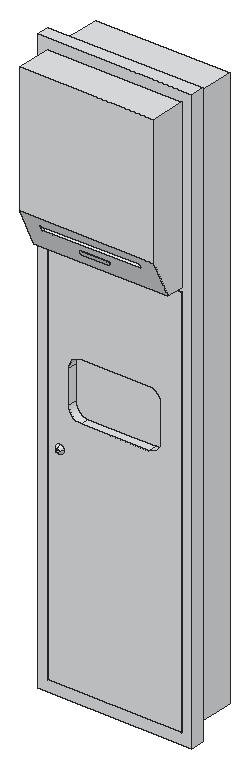
Revit family "DWCB0016", category Generic Models, Revit 2017
Family settings
  Can host rebar = No
  Round Connector Dimension = Use Diameter
  Part Type = Normal
  Work Plane-Based = No
  Always vertical = Yes
  Cut with Voids When Loaded = No
  Shared = No
  Room Calculation Point = No
Parameters
  Website = "https://dolphy.in/"  # constant formula
  Contact number = "+91 9520202035"  # constant formula
  Contact email = "info@dolphy.in"  # constant formula
  Company name = "Dolphy India"  # constant formula
Reference planes
  plane 1 "Center (Front/Back)": y = 0
  plane 2: z = 0
  plane 3 "Center (Left/Right)": x = 0
Forms (mm)
  Extrusion 1, solid, material "Dolphy_CHROME"
    sketch origin (0, -246.395, 711) x (-1, 0, 0) y (0, 0, 1)
      loop
        line (-187.5, 711) -> (-187.5, -711) -> (187.5, -711) -> (187.5, 711) -> (-187.5, 711)
    from 218.697 to 250
  Extrusion 2, solid, material "Dolphy_CHROME"
    sketch origin (0, -246.395, 711) x (-1, 0, 0) y (0, 0, 1)
      loop
        line (-162.5, 686) -> (-162.5, -686) -> (162.5, -686) -> (162.5, 686) -> (-162.5, 686)
    from 363.697 to 250
  Extrusion 3, solid, material "Dolphy_CHROME"
    sketch origin (0, -246.395, 711) x (0, -1, 0) y (0, 0, 1)
      loop
        line (-218.697, 686) -> (-218.697, 283) -> (-174.404, 283) -> (-132.697, 372.44) -> (-132.697, 686) -> (-218.697, 686)
    from -162.5 to 162.5
  Extrusion 4, void
    sketch origin (0, -123.407, 688.604) x (-1, 0, 0) y (0, -0.34202, 0.939693)
      loop
        line (-120.5, 345.052) -> (-120.5, 330.052) -> (120.5, 330.052) -> (120.5, 345.052) -> (-120.5, 345.052)
    from 138.408 to 173.142
  Extrusion 5, solid, material "Dolphy_CHROME"
    sketch origin (0, -81.143, 671.939) x (-1, 0, 0) y (0, -0.460132, 0.887851)
      loop
        spline (-29.457, 325.653) -> (-31.709, 325.399) -> (-33.469, 324.701) -> (-34.776, 323.656) -> (-35.671, 322.361) -> (-36.194, 320.912) -> (-36.386, 319.406) -> (-36.268, 317.931) -> (-35.802, 316.552) -> (-34.939, 315.326) -> (-33.627, 314.312) -> (-31.817, 313.568) -> (-29.457, 313.153)
        line (-29.457, 313.153) -> (29.457, 313.153)
        spline (29.457, 313.153) -> (31.817, 313.568) -> (33.627, 314.312) -> (34.939, 315.326) -> (35.802, 316.552) -> (36.268, 317.931) -> (36.386, 319.406) -> (36.194, 320.912) -> (35.671, 322.361) -> (34.776, 323.656) -> (33.469, 324.701) -> (31.709, 325.399) -> (29.457, 325.653)
        line (29.457, 325.653) -> (-29.457, 325.653)
    from 156.014 to 164.465
  Extrusion 6, void
    sketch origin (0, -246.395, 711) x (-1, 0, 0) y (0, 0, 1)
      loop
        line (162.5, 273.871) -> (-162.5, 273.871) -> (-162.5, -686) -> (162.5, -686) -> (162.5, 273.871)
      loop
        line (162, 273.487) -> (-162, 273.487) -> (-162, -685.5) -> (162, -685.5) -> (162, 273.487)
    from 213.176 to 226.978
  Extrusion 7, void
    sketch origin (0, -246.395, 711) x (-1, 0, 0) y (0, 0, 1)
      loop
        line (82.838, 40.265) -> (-82.162, 40.265)
        arc (-82.162, 40.265) -> (-103.375, 31.478) -> (-112.162, 10.265) r 30
        line (-112.162, 10.265) -> (-112.162, -70)
        arc (-112.162, -70) -> (-103.375, -91.213) -> (-82.162, -100) r 30
        line (-82.162, -100) -> (82.838, -100)
        arc (82.838, -100) -> (104.051, -91.213) -> (112.838, -70) r 30
        line (112.838, -70) -> (112.838, 10.265)
        arc (112.838, 10.265) -> (104.051, 31.478) -> (82.838, 40.265) r 30
    from 208.767 to 240.368
  Blend 8, solid, material "Dolphy_CHROME"
    base sketch origin (0, 96.25, 711) x (1, 0, 0) y (0, 0, 1)
      loop
        spline (-133.981, -162.885) -> (-135.422, -162.986) -> (-136.777, -163.277) -> (-138.041, -163.741) -> (-139.205, -164.361) -> (-140.261, -165.12) -> (-141.201, -166.001) -> (-142.018, -166.986) -> (-142.704, -168.059) -> (-143.251, -169.203) -> (-143.652, -170.399) -> (-143.898, -171.632) -> (-143.981, -172.885)
        spline (-143.981, -172.885) -> (-143.898, -174.137) -> (-143.652, -175.37) -> (-143.251, -176.567) -> (-142.704, -177.71) -> (-142.018, -178.783) -> (-141.201, -179.769) -> (-140.261, -180.65) -> (-139.205, -181.409) -> (-138.041, -182.029) -> (-136.777, -182.493) -> (-135.422, -182.784) -> (-133.981, -182.885)
        spline (-133.981, -182.885) -> (-132.541, -182.784) -> (-131.185, -182.493) -> (-129.922, -182.029) -> (-128.758, -181.409) -> (-127.702, -180.65) -> (-126.762, -179.769) -> (-125.945, -178.783) -> (-125.259, -177.71) -> (-124.712, -176.567) -> (-124.311, -175.37) -> (-124.065, -174.137) -> (-123.981, -172.885)
        spline (-123.981, -172.885) -> (-124.065, -171.632) -> (-124.311, -170.399) -> (-124.712, -169.203) -> (-125.259, -168.059) -> (-125.945, -166.986) -> (-126.762, -166.001) -> (-127.702, -165.12) -> (-128.758, -164.361) -> (-129.922, -163.741) -> (-131.185, -163.277) -> (-132.541, -162.986) -> (-133.981, -162.885)
    top sketch origin (0, 0, 711) x (1, 0, 0) y (0, 0, 1)
      loop
        spline (-133.981, -167.885) -> (-134.794, -167.966) -> (-135.532, -168.144) -> (-136.196, -168.408) -> (-136.788, -168.747) -> (-137.308, -169.151) -> (-137.756, -169.609) -> (-138.133, -170.109) -> (-138.44, -170.642) -> (-138.678, -171.197) -> (-138.847, -171.763) -> (-138.948, -172.329) -> (-138.981, -172.885)
        spline (-138.981, -172.885) -> (-138.948, -173.441) -> (-138.847, -174.007) -> (-138.678, -174.572) -> (-138.44, -175.127) -> (-138.133, -175.66) -> (-137.756, -176.161) -> (-137.308, -176.618) -> (-136.788, -177.022) -> (-136.196, -177.361) -> (-135.532, -177.625) -> (-134.794, -177.803) -> (-133.981, -177.885)
        spline (-133.981, -177.885) -> (-133.169, -177.803) -> (-132.431, -177.625) -> (-131.767, -177.361) -> (-131.175, -177.022) -> (-130.655, -176.618) -> (-130.207, -176.161) -> (-129.83, -175.66) -> (-129.523, -175.127) -> (-129.285, -174.572) -> (-129.116, -174.007) -> (-129.015, -173.441) -> (-128.981, -172.885)
        spline (-128.981, -172.885) -> (-129.015, -172.329) -> (-129.116, -171.763) -> (-129.285, -171.197) -> (-129.523, -170.642) -> (-129.83, -170.109) -> (-130.207, -169.609) -> (-130.655, -169.151) -> (-131.175, -168.747) -> (-131.767, -168.408) -> (-132.431, -168.144) -> (-133.169, -167.966) -> (-133.981, -167.885)
    from 123.697 to 34.827
  Extrusion 9, void
    sketch origin (0, 247.5, 711) x (1, 0, 0) y (0, 0, 1)
      loop
        line (-137.811, -172.339) -> (-137.811, -173.187) -> (-130.407, -173.187) -> (-130.407, -172.339) -> (-137.811, -172.339)
    from 277.697 to 282.327
Cuts and joins
  Extrusion 6, Extrusion 7 cuts Extrusion 1
  Extrusion 4 cuts Extrusion 3
  Extrusion 9 cuts Blend 8
  joined: Extrusion 1, Extrusion 2, Extrusion 3, Blend 8
Dimensions and locks
  Extrusion 2 to Extrusion 2 = 325 mm
  aligned and locked: level to plane 2
